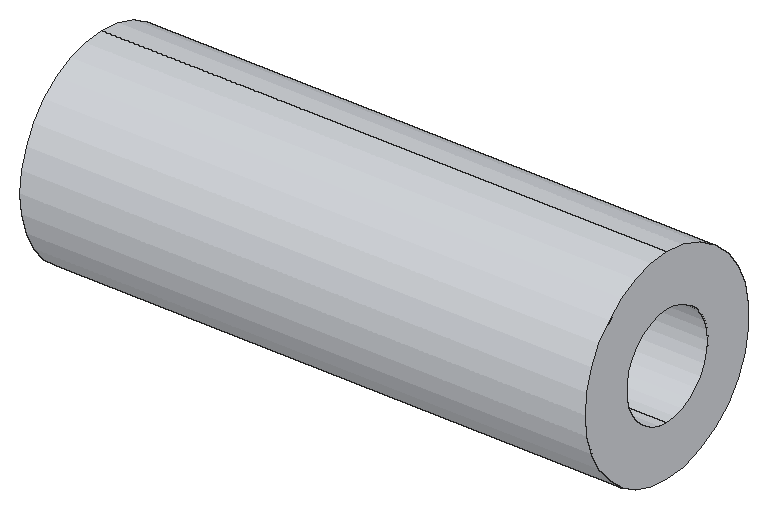
Revit family "TR3003", category Verbindungsmittel, Revit 2021
Family settings
  OmniClass-Nummer = 23.25.10.27.11.21
  OmniClass-Titel = Reinforcement Couplers
  Arbeitsebenenbasiert = Nein
  Immer vertikal = Nein
  Beim Laden mit Abzugskörper schneiden = Nein
  Gemeinsam genutzt = Nein
Parameters (values of type "TR 3003-ø18")
  URL = "http//:www.annahuette.com"
  Typenkommentare = "TR 3003 - Standardmuffe"
  Typenbild = TR3003.png
  TR3003-ød = 18 mm
  TR3003-ø = 36 mm
  TR3003-L_Vis = [TR3003-L] = [TR3003-L]  # yes
  TR3003-L = 100 mm
  TR3003-G_Vis = [TR3003-G] = [TR3003-G]  # yes
  TR3003-G = 0.57 kg
  Stabgröße 2 = SAS 670 - ø18
  Stabgröße 1 = SAS 670 - ø18
  Modell = "TR 3003"
  Körper = if([TR3003-G_Vis], [TR3003-G], 0.00 kg)  # 0,57 kg
  Hersteller = "Stahlwerk Annahütte Max Aicher GmbH Co.KG"
  Gesamtlänge = if([TR3003-L_Vis], [TR3003-L], 0 mm)  # 100 mm
  Endenbearbeitung 2 = Mit Gewinde
  Endenbearbeitung 1 = Mit Gewinde
  Einfassung Stab 2 = [TR3003-L] / 2  # 50 mm
  Einfassung Stab 1 = [TR3003-L] / 2  # 50 mm
  Beschreibung = "TR3003-ø18"
  Außendurchmesser = if([TR3003-L_Vis], [TR3003-ø], 0 mm)  # 36 mm
Types (11, lengths in mm): name | TR3003-ød | TR3003-ø | TR3003-L | TR3003-G | Stabgröße 2 | Stabgröße 1 | Körper | Gesamtlänge | Einfassung Stab 2 | Einfassung Stab 1 | Beschreibung | Außendurchmesser
  (no name) | 18 | 36 | 100 | 0.57 kg | SAS 670 - ø18 | SAS 670 - ø18 | 0.57 (stored number, unit not read) | 100 | 0.16404 (stored number, unit not read) | 0.16404 (stored number, unit not read) | "TR3003-ø18" | 36
  TR 3003-ø18 | 18 | 36 | 100 | 0.57 kg | SAS 670 - ø18 | SAS 670 - ø18 | 0,57 kg | 100 | 50 mm | 50 mm | "TR3003-ø18" | 36
  TR 3003-ø22 | 22 | 40 | 110 | 0.55 kg | SAS 670 - ø22 | SAS 670 - ø22 | 0,55 kg | 110 | 55 mm | 55 mm | "TR3003-ø22" | 40
  TR 3003-ø25 | 25 | 45 | 130 | 1.05 kg | SAS 670 - ø25 | SAS 670 - ø25 | 1,05 kg | 130 | 65 mm | 65 mm | "TR3003-ø25" | 45
  TR 3003-ø28 | 28 | 50 | 140 | 1.36 kg | SAS 670 - ø28 | SAS 670 - ø28 | 1,36 kg | 140 | 70 mm | 70 mm | "TR3003-ø28" | 50
  TR 3003-ø30 | 30 | 55 | 150 | 1.84 kg | SAS 670 - ø30 | SAS 670 - ø30 | 1,84 kg | 150 | 75 mm | 75 mm | "TR3003-ø30" | 55
  TR 3003-ø35 | 35 | 65 | 180 | 3.16 kg | SAS 670 - ø35 | SAS 670 - ø35 | 3,16 kg | 180 | 90 mm | 90 mm | "TR3003-ø35" | 65
  TR 3003-ø43 | 43 | 80 | 200 | 5.42 kg | SAS 670 - ø43 | SAS 670 - ø43 | 5,42 kg | 200 | 100 mm | 100 mm | "TR3003-ø43" | 80
  TR 3003-ø50 | 50 | 90 | 210 | 6.92 kg | SAS 670 - ø50 | SAS 670 - ø50 | 6,92 kg | 210 | 105 mm | 105 mm | "TR3003-ø50" | 90
  TR 3003-ø57,5 | 57.5 | 102 | 250 | 10.37 kg | SAS 670 - ø57,5 | SAS 670 - ø57,5 | 10,37 kg | 250 | 125 mm | 125 mm | "TR3003-ø57,5" | 102
  TR 3003-ø63,5 | 63.5 | 114 | 300 | 15.85 kg | SAS 670 - ø63,5 | SAS 670 - ø63,5 | 15,85 kg | 300 | 150 mm | 150 mm | "TR3003-ø63,5" | 114
Reference planes
  plane 1: y = 0
  plane 2: z = 0
  plane 3: x = 0
  plane 4: through (-1200, 0, 0) normal (0, -0.866, -0.5)
  plane 5: through (-1200, 0, 0) normal (0, -0.866, 0.5)
Forms (mm)
  Extrusion 1, solid
    sketch origin (0, 0, 0) x (0, 0, 1) y (0, 1, 0)
      loop
        circle (0, 0) r 9
      loop
        circle (0, 0) r 18
    from 0 to 100 <- "TR3003-L"
Dimensions and locks
  "Gesamtlänge": Extrusion 1 to plane 3
  "TR3003-ød": diameter of Extrusion 1 sketch curve
  "TR3003-ø": diameter of Extrusion 1 sketch curve
Automatic sketch dimensions
  Extrusion 1 sketch curve to Extrusion 1 sketch curve = 0 mm  (x2)
  Extrusion 1 sketch curve to level = 0 mm
  Extrusion 1 sketch curve to plane 1 = 0 mm
